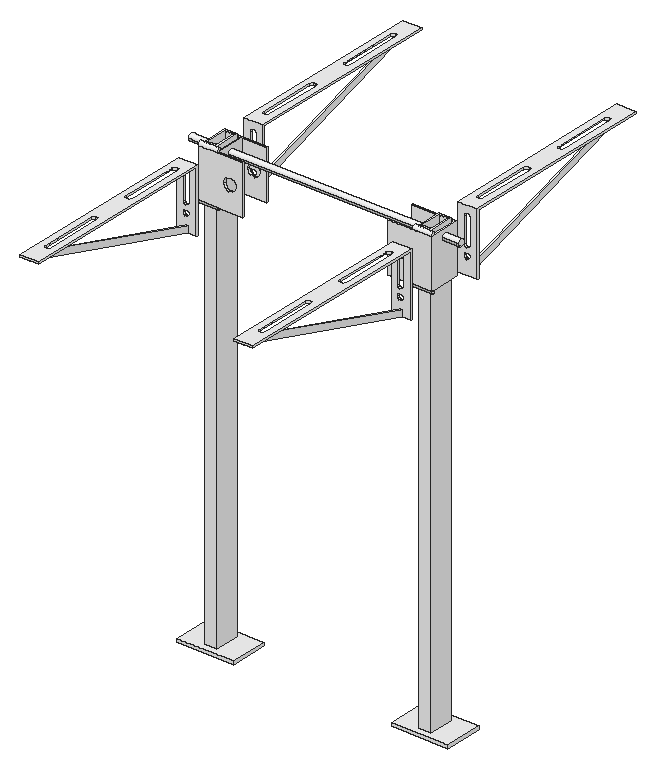
Revit family "Plumbing Fixture-Water_Closet_Carrier_Mifab_MC-40D", category Plumbing Fixtures, host Face, Revit 2013
Parameters
  WFU = 0
  URL = "www.mifab.com"
  Model = "MC-40D"
  Manufacturer = "MIFAB"
  Floor Drain Material = Paint - Sherwin Williams Paint - #952C2A - Bellwood Red
  Description = "Fixture Carrier With Back To Back  Exposed Arms"
  Default Elevation = 0.000"
  Assembly Code = ""
Reference planes (in)
  plane 1 "Center (Front/Back)": y = 0
  plane 2: z = 0
  plane 3 "Center (Left/Right)": x = 0
Forms (in)
  Extrusion 1, solid, material "Paint - Sherwin Williams Paint - #952C2A - Bellwood Red" <- "Floor Drain Material"
    sketch origin (0, 0, 0.64334) x (1, 0, 0) y (0, 1, 0)
      loop
        line (-10.75, 1.5) -> (-10.75, -1.5) -> (-6.25, -1.5) -> (-6.25, 1.5) -> (-10.75, 1.5)
      loop
        line (10.75, 1.5) -> (6.25, 1.5) -> (6.25, -1.5) -> (10.75, -1.5) -> (10.75, 1.5)
    from -0.64334 to -0.39334
  Extrusion 2, solid, material "Paint - Sherwin Williams Paint - #952C2A - Bellwood Red" <- "Floor Drain Material"
    sketch origin (0, 0, -0.64334) x (1, 0, 0) y (0, 1, 0)
      loop
        line (-9, 1) -> (-9, -1) -> (-8, -1) -> (-8, 1) -> (-9, 1)
      loop
        line (9, 1) -> (8, 1) -> (8, -1) -> (9, -1) -> (9, 1)
      loop
        line (-8.875, 0.875) -> (-8.875, -0.875) -> (-8.125, -0.875) -> (-8.125, 0.875) -> (-8.875, 0.875)
      loop
        line (8.875, 0.875) -> (8.125, 0.875) -> (8.125, -0.875) -> (8.875, -0.875) -> (8.875, 0.875)
    from 0.89334 to 36.64334
  Extrusion 3, solid, material "Paint - Sherwin Williams Paint - #952C2A - Bellwood Red" <- "Floor Drain Material"
    sketch origin (0, 0, 19.8427) x (1, 0, 0) y (0, 1, 0)
      loop
        line (-9.125, 1.125) -> (-9.125, -1.125) -> (-7.875, -1.125) -> (-7.875, 1.125) -> (-9.125, 1.125)
      loop
        line (-9.25, 1.25) -> (-9.25, -1.25) -> (-7.75, -1.25) -> (-7.75, 1.25) -> (-9.25, 1.25)
    from 15.9073 to 12
  Extrusion 4, solid, material "Paint - Sherwin Williams Paint - #952C2A - Bellwood Red" <- "Floor Drain Material"
    sketch origin (-9.25, 1.125, 19.8427) x (0, 1, 0) y (0, 0, -1)
      loop
        arc (-2.375, -15.9073) -> (-2.30178, -16.08408) -> (-2.125, -16.1573) r 0.25
        line (-2.125, -16.1573) -> (-2.125, -16.0323)
        arc (-2.125, -16.0323) -> (-2.21339, -15.99569) -> (-2.25, -15.9073) r 0.125
        line (-2.25, -15.9073) -> (-2.375, -15.9073)
      loop
        arc (-2.25, -12) -> (-2.21339, -11.91161) -> (-2.125, -11.875) r 0.125
        line (-2.125, -11.875) -> (-2.125, -11.75)
        arc (-2.125, -11.75) -> (-2.30178, -11.82322) -> (-2.375, -12) r 0.25
        line (-2.375, -12) -> (-2.25, -12)
    from 0 to -1.5
  Extrusion 5, solid, material "Paint - Sherwin Williams Paint - #952C2A - Bellwood Red" <- "Floor Drain Material"
    sketch origin (-9.25, 1.125, 19.8427) x (0, 1, 0) y (0, 0, -1)
      loop
        line (-20.125, -15.9073) -> (-4.375, -15.9073) -> (-4.375, -10.9073) -> (-4.5, -10.9073) -> (-4.5, -15.7823) -> (-20.125, -15.7823) -> (-20.125, -15.9073)
    from 0 to -1.5
  Extrusion 6, solid, material "Paint - Sherwin Williams Paint - #952C2A - Bellwood Red" <- "Floor Drain Material"
    sketch origin (0, 0, 19.8427) x (0, 1, 0) y (0, 0, 1)
      loop
        line (-3.375, 10.9073) -> (-3.375, 11.43107) -> (-17.32125, 15.7823) -> (-19, 15.7823) -> (-3.375, 10.9073)
    from -8.5625 to -8.4373
  Extrusion 7, void
    sketch origin (-9.25, -8.56169, 35.75) x (0, 1, 0) y (-1, 0, 0)
      loop
        arc (3.97373, -1) -> (4.22373, -0.75) -> (3.97373, -0.5) r 0.25
        line (3.97373, -0.5) -> (-0.52627, -0.5)
        arc (-0.52627, -0.5) -> (-0.77627, -0.75) -> (-0.52627, -1) r 0.25
        line (-0.52627, -1) -> (3.97373, -1)
      loop
        arc (-4.02627, -1) -> (-3.77627, -0.75) -> (-4.02627, -0.5) r 0.25
        line (-4.02627, -0.5) -> (-8.52627, -0.5)
        arc (-8.52627, -0.5) -> (-8.77627, -0.75) -> (-8.52627, -1) r 0.25
        line (-8.52627, -1) -> (-4.02627, -1)
    from 0 to -0.125
  Extrusion 8, void
    sketch origin (-9.25, -3.375, 31.19786) x (0, 0, 1) y (-1, 0, 0)
      loop
        arc (3.7543, -1) -> (4.0043, -0.75) -> (3.7543, -0.5) r 0.25
        line (3.7543, -0.5) -> (1.7543, -0.5)
        arc (1.7543, -0.5) -> (1.5043, -0.75) -> (1.7543, -1) r 0.25
        line (1.7543, -1) -> (3.7543, -1)
      loop
        circle (0.92242, -0.75) r 0.25
    from 0 to -1.42074
  Extrusion 9, solid, material "Paint - Sherwin Williams Paint - #952C2A - Bellwood Red" <- "Floor Drain Material"
    sketch origin (-7.46335, -1.25, 19.63243) x (-1, 0, 0) y (0, 0, -1)
      loop
        line (0.28665, -16.11757) -> (0.28665, -12.21027) -> (-1.71335, -12.21027) -> (-1.71335, -16.11757) -> (0.28665, -16.11757)
      loop
        circle (-0.72676, -14.18494) r 0.5
    from 0 to -0.125
  Extrusion 10, solid, material "Paint - Sherwin Williams Paint - #952C2A - Bellwood Red" <- "Floor Drain Material"
    sketch origin (0, 0, 19.8427) x (-1, 0, 0) y (0, -1, 0)
      loop
        line (-9.125, -1.125) -> (-7.875, -1.125) -> (-7.875, 1.125) -> (-9.125, 1.125) -> (-9.125, -1.125)
      loop
        line (-9.25, -1.25) -> (-7.75, -1.25) -> (-7.75, 1.25) -> (-9.25, 1.25) -> (-9.25, -1.25)
    from 15.9073 to 12
  Extrusion 11, solid, material "Paint - Sherwin Williams Paint - #952C2A - Bellwood Red" <- "Floor Drain Material"
    sketch origin (9.25, 1.125, 19.8427) x (0, 1, 0) y (0, 0, 1)
      loop
        line (-2.375, 15.9073) -> (-2.25, 15.9073)
        arc (-2.25, 15.9073) -> (-2.21339, 15.99569) -> (-2.125, 16.0323) r 0.125
        line (-2.125, 16.0323) -> (-2.125, 16.1573)
        arc (-2.125, 16.1573) -> (-2.30178, 16.08408) -> (-2.375, 15.9073) r 0.25
      loop
        line (-2.25, 12) -> (-2.375, 12)
        arc (-2.375, 12) -> (-2.30178, 11.82322) -> (-2.125, 11.75) r 0.25
        line (-2.125, 11.75) -> (-2.125, 11.875)
        arc (-2.125, 11.875) -> (-2.21339, 11.91161) -> (-2.25, 12) r 0.125
    from 0 to -1.5
  Extrusion 12, solid, material "Paint - Sherwin Williams Paint - #952C2A - Bellwood Red" <- "Floor Drain Material"
    sketch origin (9.25, 1.125, 19.8427) x (0, 1, 0) y (0, 0, 1)
      loop
        line (-20.125, 15.9073) -> (-20.125, 15.7823) -> (-4.5, 15.7823) -> (-4.5, 10.9073) -> (-4.375, 10.9073) -> (-4.375, 15.9073) -> (-20.125, 15.9073)
    from 0 to -1.5
  Extrusion 13, solid, material "Paint - Sherwin Williams Paint - #952C2A - Bellwood Red" <- "Floor Drain Material"
    sketch origin (0, 0, 19.8427) x (0, 1, 0) y (0, 0, -1)
      loop
        line (-3.375, -10.9073) -> (-19, -15.7823) -> (-17.32125, -15.7823) -> (-3.375, -11.43107) -> (-3.375, -10.9073)
    from -8.5625 to -8.4373
  Extrusion 14, solid, material "Paint - Sherwin Williams Paint - #952C2A - Bellwood Red" <- "Floor Drain Material"
    sketch origin (7.46335, -1.25, 20.05296) x (1, 0, 0) y (0, 0, 1)
      loop
        line (0.28665, 15.69704) -> (-1.71335, 15.69704) -> (-1.71335, 11.78973) -> (0.28665, 11.78973) -> (0.28665, 15.69704)
      loop
        circle (-0.72676, 13.76441) r 0.5
    from 0 to -0.125
  Extrusion 15, void
    sketch origin (9.25, -8.56169, 35.75) x (0, 1, 0) y (-1, 0, 0)
      loop
        line (3.97373, 1) -> (-0.52627, 1)
        arc (-0.52627, 1) -> (-0.77627, 0.75) -> (-0.52627, 0.5) r 0.25
        line (-0.52627, 0.5) -> (3.97373, 0.5)
        arc (3.97373, 0.5) -> (4.22373, 0.75) -> (3.97373, 1) r 0.25
      loop
        line (-4.02627, 1) -> (-8.52627, 1)
        arc (-8.52627, 1) -> (-8.77627, 0.75) -> (-8.52627, 0.5) r 0.25
        line (-8.52627, 0.5) -> (-4.02627, 0.5)
        arc (-4.02627, 0.5) -> (-3.77627, 0.75) -> (-4.02627, 1) r 0.25
    from 0 to -0.125
  Extrusion 16, void
    sketch origin (9.25, -3.375, 31.19786) x (0, 0, 1) y (-1, 0, 0)
      loop
        line (3.7543, 1) -> (1.7543, 1)
        arc (1.7543, 1) -> (1.5043, 0.75) -> (1.7543, 0.5) r 0.25
        line (1.7543, 0.5) -> (3.7543, 0.5)
        arc (3.7543, 0.5) -> (4.0043, 0.75) -> (3.7543, 1) r 0.25
      loop
        circle (0.92242, 0.75) r 0.25
    from 0 to -1.42074
  Extrusion 17, solid, material "Paint - Sherwin Williams Paint - #952C2A - Bellwood Red" <- "Floor Drain Material"
    sketch origin (0, 0, 0) x (0, 1, 0) y (0, 0, 1)
      loop
        circle (0, 35.24678) r 0.25
    from -10.83201 to 10.6093
  Extrusion 18, solid, material "Paint - Sherwin Williams Paint - #952C2A - Bellwood Red" <- "Floor Drain Material"
    sketch origin (-9.25, -1.125, 19.8427) x (0, -1, 0) y (0, 0, 1)
      loop
        line (-20.125, 15.9073) -> (-20.125, 15.7823) -> (-4.5, 15.7823) -> (-4.5, 10.9073) -> (-4.375, 10.9073) -> (-4.375, 15.9073) -> (-20.125, 15.9073)
    from 0 to -1.5
  Extrusion 19, solid, material "Paint - Sherwin Williams Paint - #952C2A - Bellwood Red" <- "Floor Drain Material"
    sketch origin (0, 0, 19.8427) x (0, -1, 0) y (0, 0, -1)
      loop
        line (-3.375, -10.9073) -> (-19, -15.7823) -> (-17.32125, -15.7823) -> (-3.375, -11.43107) -> (-3.375, -10.9073)
    from -8.5625 to -8.4373
  Extrusion 20, void
    sketch origin (-9.25, 8.56169, 35.75) x (0, -1, 0) y (1, 0, 0)
      loop
        line (3.97373, 1) -> (-0.52627, 1)
        arc (-0.52627, 1) -> (-0.77627, 0.75) -> (-0.52627, 0.5) r 0.25
        line (-0.52627, 0.5) -> (3.97373, 0.5)
        arc (3.97373, 0.5) -> (4.22373, 0.75) -> (3.97373, 1) r 0.25
      loop
        line (-4.02627, 1) -> (-8.52627, 1)
        arc (-8.52627, 1) -> (-8.77627, 0.75) -> (-8.52627, 0.5) r 0.25
        line (-8.52627, 0.5) -> (-4.02627, 0.5)
        arc (-4.02627, 0.5) -> (-3.77627, 0.75) -> (-4.02627, 1) r 0.25
    from 0 to -0.125
  Extrusion 21, void
    sketch origin (-9.25, 3.375, 31.19786) x (0, 0, 1) y (1, 0, 0)
      loop
        line (3.7543, 1) -> (1.7543, 1)
        arc (1.7543, 1) -> (1.5043, 0.75) -> (1.7543, 0.5) r 0.25
        line (1.7543, 0.5) -> (3.7543, 0.5)
        arc (3.7543, 0.5) -> (4.0043, 0.75) -> (3.7543, 1) r 0.25
      loop
        circle (0.92242, 0.75) r 0.25
    from 0 to -1.42074
  Extrusion 22, solid, material "Paint - Sherwin Williams Paint - #952C2A - Bellwood Red" <- "Floor Drain Material"
    sketch origin (-7.46335, 1.25, 19.63243) x (-1, 0, 0) y (0, 0, 1)
      loop
        line (0.28665, 16.11757) -> (-1.71335, 16.11757) -> (-1.71335, 12.21027) -> (0.28665, 12.21027) -> (0.28665, 16.11757)
      loop
        circle (-0.72676, 14.18494) r 0.5
    from 0 to -0.125
  Extrusion 23, solid, material "Paint - Sherwin Williams Paint - #952C2A - Bellwood Red" <- "Floor Drain Material"
    sketch origin (9.25, -1.125, 19.8427) x (0, -1, 0) y (0, 0, -1)
      loop
        line (-20.125, -15.9073) -> (-4.375, -15.9073) -> (-4.375, -10.9073) -> (-4.5, -10.9073) -> (-4.5, -15.7823) -> (-20.125, -15.7823) -> (-20.125, -15.9073)
    from 0 to -1.5
  Extrusion 24, solid, material "Paint - Sherwin Williams Paint - #952C2A - Bellwood Red" <- "Floor Drain Material"
    sketch origin (0, 0, 19.8427) x (0, -1, 0) y (0, 0, 1)
      loop
        line (-3.375, 10.9073) -> (-3.375, 11.43107) -> (-17.32125, 15.7823) -> (-19, 15.7823) -> (-3.375, 10.9073)
    from -8.5625 to -8.4373
  Extrusion 25, solid, material "Paint - Sherwin Williams Paint - #952C2A - Bellwood Red" <- "Floor Drain Material"
    sketch origin (7.46335, 1.25, 20.05296) x (1, 0, 0) y (0, 0, -1)
      loop
        line (0.28665, -15.69704) -> (0.28665, -11.78973) -> (-1.71335, -11.78973) -> (-1.71335, -15.69704) -> (0.28665, -15.69704)
      loop
        circle (-0.72676, -13.76441) r 0.5
    from 0 to -0.125
  Extrusion 26, void
    sketch origin (-27.75, 8.56169, 35.75) x (0, -1, 0) y (1, 0, 0)
      loop
        arc (3.97373, 36) -> (4.22373, 36.25) -> (3.97373, 36.5) r 0.25
        line (3.97373, 36.5) -> (-0.52627, 36.5)
        arc (-0.52627, 36.5) -> (-0.77627, 36.25) -> (-0.52627, 36) r 0.25
        line (-0.52627, 36) -> (3.97373, 36)
      loop
        arc (-4.02627, 36) -> (-3.77627, 36.25) -> (-4.02627, 36.5) r 0.25
        line (-4.02627, 36.5) -> (-8.52627, 36.5)
        arc (-8.52627, 36.5) -> (-8.77627, 36.25) -> (-8.52627, 36) r 0.25
        line (-8.52627, 36) -> (-4.02627, 36)
    from 0 to -0.125
  Extrusion 27, void
    sketch origin (-27.75, 3.375, 31.19786) x (0, 0, 1) y (1, 0, 0)
      loop
        arc (3.7543, 36) -> (4.0043, 36.25) -> (3.7543, 36.5) r 0.25
        line (3.7543, 36.5) -> (1.7543, 36.5)
        arc (1.7543, 36.5) -> (1.5043, 36.25) -> (1.7543, 36) r 0.25
        line (1.7543, 36) -> (3.7543, 36)
      loop
        circle (0.92242, 36.25) r 0.25
    from 0 to -1.42074
Cuts and joins
  joined: Extrusion 1, Extrusion 2
  Extrusion 7, Extrusion 8, Extrusion 15, Extrusion 16, Extrusion 20, Extrusion 21 cuts Extrusion 5
  Extrusion 7, Extrusion 15, Extrusion 20 cuts Extrusion 6
  joined: Extrusion 3, Extrusion 4, Extrusion 9
  joined: Extrusion 10, Extrusion 14
  Extrusion 15, Extrusion 16, Extrusion 26, Extrusion 27 cuts Extrusion 12
  Extrusion 20, Extrusion 21 cuts Extrusion 18
  Extrusion 20 cuts Extrusion 19
  Extrusion 26 cuts Extrusion 13
  Extrusion 26, Extrusion 27 cuts Extrusion 23
  Extrusion 26 cuts Extrusion 24
Lines and regions (in)
  model lines
    curve 1: line (-8.5, 0, 36) -> (-8.5, 0, 30.75)
    curve 2: line (-8.5625, 0, 36) -> (-8.5625, 0, 30.75)
  reference lines
    curve 3: line (-8.4373, 0, 30.75) -> (-8.4373, 0, 36)
Dimensions and locks (in)
  Extrusion 2 to plane 3 "Center (Left/Right)" to Extrusion 2 = 9.000" locked, 9.000" locked
  locked: Extrusion 3 sketch curve to Extrusion 3 sketch curve at 2.25
  locked: Extrusion 3 sketch curve to Extrusion 3 sketch curve at 1.25
  locked: Extrusion 3 sketch curve to Extrusion 3 sketch curve at 0.125  (x2)
  locked: Extrusion 3 sketch curve to Extrusion 3 sketch curve at 1.5
  Extrusion 3 sketch curve to Extrusion 3 sketch curve = 2.500"
  locked: Extrusion 5 sketch curve to Extrusion 5 sketch curve at 0.125  (x2)
  locked: Extrusion 5 sketch curve to Extrusion 5 sketch curve at 5
  locked: Extrusion 5 sketch curve to Extrusion 5 sketch curve at 15.75
  Extrusion 6 sketch curve to Extrusion 6 sketch curve = 0.500"
  curve 1 to curve 3 = 0.0627"
  locked: Extrusion 7 sketch curve to Extrusion 5 at 0.75
  locked: Extrusion 10 sketch curve to Extrusion 10 sketch curve at 2.25
  locked: Extrusion 10 sketch curve to Extrusion 10 sketch curve at 1.25
  locked: Extrusion 10 sketch curve to Extrusion 10 sketch curve at 0.125  (x2)
  locked: Extrusion 10 sketch curve to Extrusion 10 sketch curve at 1.5
  Extrusion 10 sketch curve to Extrusion 10 sketch curve = 2.500"
  locked: Extrusion 12 sketch curve to Extrusion 12 sketch curve at 0.125  (x2)
  locked: Extrusion 12 sketch curve to Extrusion 12 sketch curve at 5
  locked: Extrusion 12 sketch curve to Extrusion 12 sketch curve at 15.75
  Extrusion 13 sketch curve to Extrusion 13 sketch curve = 0.500"
  locked: Extrusion 18 sketch curve to Extrusion 18 sketch curve at 0.125  (x2)
  locked: Extrusion 18 sketch curve to Extrusion 18 sketch curve at 5
  locked: Extrusion 18 sketch curve to Extrusion 18 sketch curve at 15.75
  Extrusion 19 sketch curve to Extrusion 19 sketch curve = 0.500"
  locked: Extrusion 18 to Extrusion 20 sketch curve at 0.75
  locked: Extrusion 23 sketch curve to Extrusion 23 sketch curve at 0.125  (x2)
  locked: Extrusion 23 sketch curve to Extrusion 23 sketch curve at 5
  locked: Extrusion 23 sketch curve to Extrusion 23 sketch curve at 15.75
  Extrusion 24 sketch curve to Extrusion 24 sketch curve = 0.500"
  aligned and locked: plane 2 to host face
  aligned and locked: level to host face
  aligned and locked: Extrusion 2 to Extrusion 1
  aligned and locked: Extrusion 1 to level
  aligned and locked: Extrusion 6 sketch curve to Extrusion 5  (x2)
  aligned and locked: Extrusion 5 to Extrusion 6 sketch curve  (x2)
  aligned and locked: Extrusion 12 to Extrusion 13 sketch curve  (x3)
  aligned and locked: Extrusion 13 sketch curve to Extrusion 12
  aligned and locked: Extrusion 18 to Extrusion 19 sketch curve  (x3)
  aligned and locked: Extrusion 19 sketch curve to Extrusion 18
  aligned and locked: Extrusion 23 to Extrusion 24 sketch curve  (x4)
